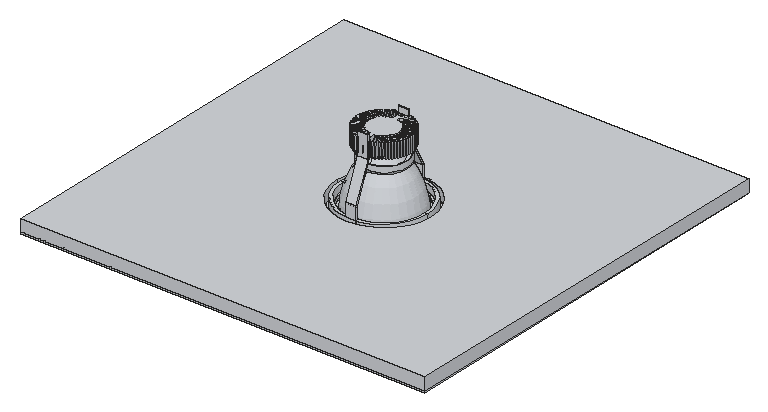
Revit family "Trimless VPX124 Downlighter", category Lighting Fixtures, Revit 2014
Parameters (values of type "VPX143")
  Wattage Comments = "19.5"
  Wattage = 19.5 W
  built-in parameter 1150110 = 1 (stored number, unit not read)
  Type Comments = "Recessed"
  Type = "VPX143"
  built-in parameter 1114217 = 1 (stored number, unit not read)
  built-in parameter 1150109 = 1 (stored number, unit not read)
  built-in parameter 1150134 = (empty or 0)
  built-in parameter 1150113 = 1 (stored number, unit not read)
  O/A Diameter (mm) = "143"
  Model = "VPX143"
  Manufacturer = "Designed Architectural Lighting"
  Luminous flux of luminaire (lm) = "2000"
  Lumens = 1998.75 lm
  built-in parameter 1150115 = 1 (stored number, unit not read)
  built-in parameter 1150105 = 636.22 (stored number, unit not read)
  Light Source Symbol Size = 609.6 mm
  built-in parameter 1150137 = (empty or 0)
  built-in parameter 1150139 = (empty or 0)
  built-in parameter 1150112 = 1 (stored number, unit not read)
  built-in parameter 1150114 = 1 (stored number, unit not read)
  Lamp = "LED"
  built-in parameter 1150132 = (empty or 0)
  built-in parameter 1150102 = (empty or 0)
  built-in parameter 1150138 = (empty or 0)
  built-in parameter 1150107 = 3000 (stored number, unit not read)
  built-in parameter 1150106 = 6.3622 (stored number, unit not read)
  Height (mm) = "125"
  built-in parameter 1150104 = 9.5226 (stored number, unit not read)
  Dimming Lamp Color Temperature Shift = <None>
  Description = "Recessed low brightness LED downlighter"
  Cut Out (mm) = "131"
  Colour temperature (K) = "27000/3000/3500/4000"
  Color Filter = 16777215
  CRI = "80"
  built-in parameter 1114218 = 1 (stored number, unit not read)
  built-in parameter 1150133 = 10 (stored number, unit not read)
  Apparent Load = 19.5 VA
  Aperture (mm) = "100"
Reference planes
  plane 1 "Light Source Axis (F/B)": y = 0
  plane 2: z = 0
  plane 3 "Light Source Axis (L/R)": x = 0
  plane 4 "Light Source Elevation": z = 0
Forms (mm)
  Revolve 1, solid
    sketch origin (0, 0, 0) x (0, 1, 0) y (0, 0, 1)
      loop
        line (32.218, 76.537) -> (28.444, 76.537)
        arc (28.444, 76.537) -> (26.215, 75.748) -> (24.979, 73.732) r 3.542
        arc (24.979, 73.732) -> (15.057, 61.32) -> (0, 56.241) r 28.205
        line (0, 56.241) -> (0, 53.625)
        arc (0, 53.625) -> (17.499, 59.158) -> (28.444, 73.891) r 29.818
        line (28.444, 73.891) -> (32.218, 73.891) -> (32.218, 76.537)
      axis (0, 76.537) -> (0, 53.625)
    angle from 0 to 360
  Extrusion 2, solid
    sketch origin (1.875, -0.625, 0) x (1, 0, 0) y (0, 1, 0)
      loop
        line (-8.491, -38.066) -> (-8.491, -39.735) -> (6.509, -39.735) -> (6.509, -38.066) -> (-8.491, -38.066)
    from 92.996 to 125.22
  Extrusion 3, solid
    sketch origin (2.075, 80.578, 0) x (1, 0, 0) y (0, 1, 0)
      loop
        line (-9.083, -44.263) -> (-9.083, -45.652) -> (5.917, -45.652) -> (5.917, -44.263) -> (-9.083, -44.263)
    from 92.996 to 126.242
  Extrusion 4, solid
    sketch origin (2.075, -30.991, 0) x (1, 0, 0) y (0, 1, 0)
      loop
        line (-8.69, -30.82) -> (-8.69, -32.379) -> (6.31, -32.379) -> (6.31, -30.82) -> (-8.69, -30.82)
    from 3.8 to 40.975
  Extrusion 5, solid
    sketch origin (2.075, -21.759, 34.16) x (1, 0, 0) y (0, 0.914866, -0.403758)
      loop
        line (-8.69, -39.191) -> (-8.69, -40.839) -> (6.31, -40.839) -> (6.31, -39.191) -> (-8.69, -39.191)
    from -10.751 to 47.238
  Extrusion 6, solid
    sketch origin (2.075, 94.051, 69.507) x (1, 0, 0) y (0, 0.889554, 0.45683)
      loop
        line (-9.083, -40.714) -> (-9.083, -41.951) -> (5.917, -41.951) -> (5.917, -40.714) -> (-9.083, -40.714)
    from -11.237 to 48.07
  Extrusion 7, solid
    sketch origin (2.075, 110.905, 0) x (1, 0, 0) y (0, 1, 0)
      loop
        line (-9.083, -47.907) -> (-9.083, -49.183) -> (5.917, -49.183) -> (5.917, -47.907) -> (-9.083, -47.907)
    from 3.8 to 40.975
  Revolve 8, solid
    sketch origin (-0.002, -0.001, 0) x (0, 1, 0) y (0, 0, 1)
      loop
        line (51.509, 0) -> (61.509, 0) -> (61.509, 1.419) -> (53.446, 1.419)
        arc (53.446, 1.419) -> (47.529, 38.453) -> (29.678, 71.437) r 111.611
        arc (29.678, 71.437) -> (29.923, 72.028) -> (30.514, 72.273) r 0.836
        line (30.514, 72.273) -> (33.262, 72.273)
        arc (33.262, 72.273) -> (34.281, 72.91) -> (34.679, 74.044) r 1.816
        line (34.679, 74.044) -> (34.679, 82.273) -> (33.262, 82.273) -> (33.262, 73.732) -> (29.268, 73.732)
        arc (29.268, 73.732) -> (28.406, 72.748) -> (27.978, 71.512) r 3.409
        arc (27.978, 71.512) -> (46.014, 37.819) -> (51.509, 0) r 110.622
      axis (0, 82.273) -> (0, 0)
    angle from 0 to 360
  Extrusion 9, solid
    sketch origin (-38.915, -66.166, 2.266) x (1, 0, 0) y (0, 1, 0)
      loop
        line (-261.085, 366.181) -> (-261.085, -233.819) -> (338.915, -233.819) -> (338.915, 366.181) -> (-261.085, 366.181)
      loop
        circle (38.915, 66.181) r 70
    from 0 to 18
  Revolve 10, solid
    sketch origin (0, 0, 0) x (0, 1, 0) y (0, 0, 1)
      loop
        line (32.58, 77.504) -> (25.618, 77.504) -> (19.543, 86.509)
        arc (19.543, 86.509) -> (19.242, 88.412) -> (20.857, 89.461) r 1.768
        line (20.857, 89.461) -> (27.065, 89.461)
        arc (27.065, 89.461) -> (28.652, 90.036) -> (29.779, 91.291) r 3.466
        line (29.779, 91.291) -> (29.779, 96.291) -> (28.776, 96.291) -> (28.776, 92.372)
        arc (28.776, 92.372) -> (28.206, 90.996) -> (26.83, 90.426) r 1.946
        line (26.83, 90.426) -> (20.734, 90.426)
        arc (20.734, 90.426) -> (18.503, 89.004) -> (18.665, 86.364) r 2.606
        line (18.665, 86.364) -> (25.283, 76.552) -> (32.58, 76.552) -> (32.58, 77.504)
      axis (0, 96.291) -> (0, 76.552)
    angle from 0 to 360
  Extrusion 11, solid
    sketch origin (0.632, -2.118, 0) x (0, 1, 0) y (-1, 0, 0)
      loop
        line (8.036, -21.346) -> (9.763, -25.224)
        arc (9.763, -25.224) -> (9.158, -26.377) -> (9.105, -27.677) r 2.965
        line (9.105, -27.677) -> (12.96, -37.219)
        arc (12.96, -37.219) -> (13.673, -37.522) -> (13.976, -36.809) r 0.548
        line (13.976, -36.809) -> (10.23, -27.537)
        arc (10.23, -27.537) -> (10.843, -26.092) -> (12.288, -26.705) r 1.11
        line (12.288, -26.705) -> (16.28, -35.672)
        arc (16.28, -35.672) -> (17.02, -35.956) -> (17.304, -35.216) r 0.56
        line (17.304, -35.216) -> (13.182, -25.959)
        arc (13.182, -25.959) -> (12.31, -24.958) -> (11.028, -24.618) r 2.262
        line (11.028, -24.618) -> (9.403, -20.596) -> (11.989, -19.445) -> (14.463, -22.849)
        arc (14.463, -22.849) -> (14.111, -24.102) -> (14.33, -25.385) r 2.965
        line (14.33, -25.385) -> (20.084, -33.917)
        arc (20.084, -33.917) -> (20.845, -34.065) -> (20.992, -33.305) r 0.548
        line (20.992, -33.305) -> (15.4, -25.014)
        arc (15.4, -25.014) -> (15.7, -23.474) -> (17.241, -23.773) r 1.11
        line (17.241, -23.773) -> (23.009, -31.713)
        arc (23.009, -31.713) -> (23.792, -31.837) -> (23.916, -31.055) r 0.56
        line (23.916, -31.055) -> (17.96, -22.857)
        arc (17.96, -22.857) -> (16.899, -22.059) -> (15.574, -21.994) r 2.262
        line (15.574, -21.994) -> (13.148, -18.397) -> (15.119, -16.427) -> (18.389, -19.585)
        arc (18.389, -19.585) -> (18.26, -20.88) -> (18.699, -22.105) r 2.965
        line (18.699, -22.105) -> (25.847, -29.508)
        arc (25.847, -29.508) -> (26.622, -29.522) -> (26.635, -28.747) r 0.548
        line (26.635, -28.747) -> (19.689, -21.554)
        arc (19.689, -21.554) -> (19.716, -19.985) -> (21.285, -20.012) r 1.11
        line (21.285, -20.012) -> (28.346, -26.83)
        arc (28.346, -26.83) -> (29.138, -26.816) -> (29.124, -26.024) r 0.56
        line (29.124, -26.024) -> (21.835, -18.985)
        arc (21.835, -18.985) -> (20.652, -18.383) -> (19.335, -18.549) r 2.262
        line (19.335, -18.549) -> (16.322, -15.429) -> (18.148, -13.304) -> (21.857, -15.622)
        arc (21.857, -15.622) -> (22.001, -16.916) -> (22.684, -18.023) r 2.965
        line (22.684, -18.023) -> (31.216, -23.778)
        arc (31.216, -23.778) -> (31.976, -23.63) -> (31.828, -22.87) r 0.548
        line (31.828, -22.87) -> (23.538, -17.278)
        arc (23.538, -17.278) -> (23.238, -15.737) -> (24.779, -15.438) r 1.11
        line (24.779, -15.438) -> (33.102, -20.639)
        arc (33.102, -20.639) -> (33.874, -20.461) -> (33.696, -19.689) r 0.56
        line (33.696, -19.689) -> (25.103, -14.319)
        arc (25.103, -14.319) -> (23.821, -13.977) -> (22.567, -14.412) r 2.262
        line (22.567, -14.412) -> (18.971, -11.987) -> (20.87, -9.394) -> (24.954, -10.962)
        arc (24.954, -10.962) -> (25.341, -12.204) -> (26.224, -13.161) r 2.965
        line (26.224, -13.161) -> (35.697, -17.182)
        arc (35.697, -17.182) -> (36.415, -16.892) -> (36.125, -16.174) r 0.548
        line (36.125, -16.174) -> (26.92, -12.267)
        arc (26.92, -12.267) -> (26.332, -10.811) -> (27.787, -10.224) r 1.11
        line (27.787, -10.224) -> (36.95, -13.741)
        arc (36.95, -13.741) -> (37.673, -13.419) -> (37.351, -12.695) r 0.56
        line (37.351, -12.695) -> (27.891, -9.063)
        arc (27.891, -9.063) -> (26.567, -8.972) -> (25.42, -9.639) r 2.262
        line (25.42, -9.639) -> (21.427, -7.944) -> (22.262, -3.209) -> (24.741, -3.209)
        arc (24.741, -3.209) -> (29.592, -5.948) -> (34.984, -7.347) r 21.462
        line (34.984, -7.347) -> (36.065, -8.428) -> (39.133, -8.428) -> (39.133, -7.36) -> (36.601, -7.36) -> (36.601, 7.64) -> (39.186, 7.64) -> (39.186, 8.514) -> (36.351, 8.514) -> (34.984, 7.592) -> (34.984, -2.408)
        arc (34.984, -2.408) -> (34.341, -3.853) -> (32.76, -3.798) r 1.415
        line (32.76, -3.798) -> (31.024, -2.537) -> (31.024, 3.409) -> (22.339, 3.409) -> (21.555, 7.853) -> (25.597, 9.568)
        arc (25.597, 9.568) -> (26.744, 8.901) -> (28.067, 8.992) r 2.262
        line (28.067, 8.992) -> (37.528, 12.624)
        arc (37.528, 12.624) -> (37.85, 13.348) -> (37.126, 13.67) r 0.56
        line (37.126, 13.67) -> (27.963, 10.153)
        arc (27.963, 10.153) -> (26.508, 10.741) -> (27.096, 12.196) r 1.11
        line (27.096, 12.196) -> (36.301, 16.103)
        arc (36.301, 16.103) -> (36.591, 16.821) -> (35.873, 17.111) r 0.548
        line (35.873, 17.111) -> (26.4, 13.09)
        arc (26.4, 13.09) -> (25.518, 12.133) -> (25.13, 10.891) r 2.965
        line (25.13, 10.891) -> (21.047, 9.323) -> (19.147, 11.916) -> (22.744, 14.341)
        arc (22.744, 14.341) -> (23.997, 13.906) -> (25.279, 14.248) r 2.262
        line (25.279, 14.248) -> (33.873, 19.618)
        arc (33.873, 19.618) -> (34.051, 20.39) -> (33.279, 20.568) r 0.56
        line (33.279, 20.568) -> (24.955, 15.367)
        arc (24.955, 15.367) -> (23.415, 15.666) -> (23.714, 17.207) r 1.11
        line (23.714, 17.207) -> (32.005, 22.799)
        arc (32.005, 22.799) -> (32.152, 23.559) -> (31.392, 23.707) r 0.548
        line (31.392, 23.707) -> (22.861, 17.952)
        arc (22.861, 17.952) -> (22.177, 16.845) -> (22.034, 15.551) r 2.965
        line (22.034, 15.551) -> (18.324, 13.233) -> (16.498, 15.358) -> (19.512, 18.478)
        arc (19.512, 18.478) -> (20.828, 18.312) -> (22.011, 18.914) r 2.262
        line (22.011, 18.914) -> (29.3, 25.953)
        arc (29.3, 25.953) -> (29.314, 26.745) -> (28.522, 26.759) r 0.56
        line (28.522, 26.759) -> (21.462, 19.941)
        arc (21.462, 19.941) -> (19.893, 19.914) -> (19.865, 21.483) r 1.11
        line (19.865, 21.483) -> (26.812, 28.676)
        arc (26.812, 28.676) -> (26.798, 29.451) -> (26.024, 29.437) r 0.548
        line (26.024, 29.437) -> (18.875, 22.034)
        arc (18.875, 22.034) -> (18.437, 20.809) -> (18.566, 19.514) r 2.965
        line (18.566, 19.514) -> (15.419, 16.475) -> (13.325, 18.326) -> (15.751, 21.923)
        arc (15.751, 21.923) -> (17.076, 21.988) -> (18.136, 22.786) r 2.262
        line (18.136, 22.786) -> (24.092, 30.984)
        arc (24.092, 30.984) -> (23.969, 31.766) -> (23.186, 31.642) r 0.56
        line (23.186, 31.642) -> (17.417, 23.702)
        arc (17.417, 23.702) -> (15.876, 23.403) -> (15.577, 24.943) r 1.11
        line (15.577, 24.943) -> (21.169, 33.234)
        arc (21.169, 33.234) -> (21.021, 33.994) -> (20.261, 33.846) r 0.548
        line (20.261, 33.846) -> (14.506, 25.315)
        arc (14.506, 25.315) -> (14.287, 24.031) -> (14.639, 22.778) r 2.965
        line (14.639, 22.778) -> (12.068, 19.24) -> (9.579, 20.525) -> (11.204, 24.548)
        arc (11.204, 24.548) -> (12.487, 24.887) -> (13.358, 25.888) r 2.262
        line (13.358, 25.888) -> (17.48, 35.145)
        arc (17.48, 35.145) -> (17.196, 35.885) -> (16.456, 35.601) r 0.56
        line (16.456, 35.601) -> (12.464, 26.634)
        arc (12.464, 26.634) -> (11.02, 26.021) -> (10.406, 27.466) r 1.11
        line (10.406, 27.466) -> (14.152, 36.738)
        arc (14.152, 36.738) -> (13.85, 37.451) -> (13.137, 37.148) r 0.548
        line (13.137, 37.148) -> (9.282, 27.606)
        arc (9.282, 27.606) -> (9.334, 26.306) -> (9.939, 25.153) r 2.965
        line (9.939, 25.153) -> (8.16, 21.157) -> (5.456, 21.949) -> (6.209, 26.222)
        arc (6.209, 26.222) -> (7.393, 26.82) -> (8.038, 27.98) r 2.262
        line (8.038, 27.98) -> (10.144, 37.892)
        arc (10.144, 37.892) -> (9.713, 38.557) -> (9.048, 38.125) r 0.56
        line (9.048, 38.125) -> (7.008, 28.525)
        arc (7.008, 28.525) -> (5.722, 27.625) -> (4.822, 28.91) r 1.11
        line (4.822, 28.91) -> (6.558, 38.758)
        arc (6.558, 38.758) -> (6.114, 39.393) -> (5.48, 38.949) r 0.548
        line (5.48, 38.949) -> (3.693, 28.814)
        arc (3.693, 28.814) -> (4.015, 27.553) -> (4.846, 26.551) r 2.965
        line (4.846, 26.551) -> (3.936, 22.272) -> (0.629, 22.571) -> (0.629, 26.945)
        arc (0.629, 26.945) -> (1.65, 27.752) -> (2.227, 28.919) r 2.965
        line (2.227, 28.919) -> (2.586, 39.204)
        arc (2.586, 39.204) -> (2.058, 39.77) -> (1.492, 39.242) r 0.548
        line (1.492, 39.242) -> (1.143, 29.248)
        arc (1.143, 29.248) -> (-0.005, 28.178) -> (-1.076, 29.325) r 1.11
        line (-1.076, 29.325) -> (-1.076, 39.14)
        arc (-1.076, 39.14) -> (-1.636, 39.7) -> (-2.196, 39.14) r 0.56
        line (-2.196, 39.14) -> (-2.196, 29.007)
        arc (-2.196, 29.007) -> (-1.807, 27.738) -> (-0.773, 26.906) r 2.262
        line (-0.773, 26.906) -> (-0.925, 22.571) -> (-3.664, 22.35) -> (-4.573, 26.629)
        arc (-4.573, 26.629) -> (-3.742, 27.631) -> (-3.42, 28.892) r 2.965
        line (-3.42, 28.892) -> (-5.207, 39.026)
        arc (-5.207, 39.026) -> (-5.842, 39.471) -> (-6.286, 38.836) r 0.548
        line (-6.286, 38.836) -> (-4.55, 28.988)
        arc (-4.55, 28.988) -> (-5.45, 27.703) -> (-6.735, 28.603) r 1.11
        line (-6.735, 28.603) -> (-8.776, 38.203)
        arc (-8.776, 38.203) -> (-9.441, 38.635) -> (-9.872, 37.97) r 0.56
        line (-9.872, 37.97) -> (-7.765, 28.058)
        arc (-7.765, 28.058) -> (-7.121, 26.898) -> (-5.937, 26.3) r 2.262
        line (-5.937, 26.3) -> (-5.184, 22.027) -> (-7.888, 21.235) -> (-9.667, 25.231)
        arc (-9.667, 25.231) -> (-9.062, 26.384) -> (-9.009, 27.684) r 2.965
        line (-9.009, 27.684) -> (-12.864, 37.226)
        arc (-12.864, 37.226) -> (-13.577, 37.529) -> (-13.88, 36.816) r 0.548
        line (-13.88, 36.816) -> (-10.134, 27.544)
        arc (-10.134, 27.544) -> (-10.747, 26.099) -> (-12.192, 26.712) r 1.11
        line (-12.192, 26.712) -> (-16.184, 35.679)
        arc (-16.184, 35.679) -> (-16.924, 35.963) -> (-17.208, 35.223) r 0.56
        line (-17.208, 35.223) -> (-13.086, 25.966)
        arc (-13.086, 25.966) -> (-12.215, 24.965) -> (-10.932, 24.625) r 2.262
        line (-10.932, 24.625) -> (-9.307, 20.603) -> (-11.796, 19.318) -> (-14.367, 22.856)
        arc (-14.367, 22.856) -> (-14.015, 24.109) -> (-14.234, 25.393) r 2.965
        line (-14.234, 25.393) -> (-19.988, 33.924)
        arc (-19.988, 33.924) -> (-20.749, 34.072) -> (-20.897, 33.312) r 0.548
        line (-20.897, 33.312) -> (-15.305, 25.021)
        arc (-15.305, 25.021) -> (-15.604, 23.481) -> (-17.145, 23.78) r 1.11
        line (-17.145, 23.78) -> (-22.914, 31.72)
        arc (-22.914, 31.72) -> (-23.696, 31.844) -> (-23.82, 31.062) r 0.56
        line (-23.82, 31.062) -> (-17.864, 22.864)
        arc (-17.864, 22.864) -> (-16.804, 22.066) -> (-15.478, 22.001) r 2.262
        line (-15.478, 22.001) -> (-13.053, 18.404) -> (-15.147, 16.553) -> (-18.293, 19.592)
        arc (-18.293, 19.592) -> (-18.165, 20.887) -> (-18.603, 22.112) r 2.965
        line (-18.603, 22.112) -> (-25.752, 29.515)
        arc (-25.752, 29.515) -> (-26.526, 29.529) -> (-26.54, 28.754) r 0.548
        line (-26.54, 28.754) -> (-19.593, 21.561)
        arc (-19.593, 21.561) -> (-19.62, 19.992) -> (-21.19, 20.019) r 1.11
        line (-21.19, 20.019) -> (-28.25, 26.837)
        arc (-28.25, 26.837) -> (-29.042, 26.823) -> (-29.028, 26.031) r 0.56
        line (-29.028, 26.031) -> (-21.739, 18.992)
        arc (-21.739, 18.992) -> (-20.556, 18.39) -> (-19.24, 18.556) r 2.262
        line (-19.24, 18.556) -> (-16.226, 15.436) -> (-18.052, 13.311) -> (-21.761, 15.629)
        arc (-21.761, 15.629) -> (-21.905, 16.923) -> (-22.588, 18.03) r 2.965
        line (-22.588, 18.03) -> (-31.12, 23.785)
        arc (-31.12, 23.785) -> (-31.88, 23.637) -> (-31.732, 22.877) r 0.548
        line (-31.732, 22.877) -> (-23.442, 17.285)
        arc (-23.442, 17.285) -> (-23.143, 15.744) -> (-24.683, 15.445) r 1.11
        line (-24.683, 15.445) -> (-33.007, 20.646)
        arc (-33.007, 20.646) -> (-33.779, 20.468) -> (-33.6, 19.696) r 0.56
        line (-33.6, 19.696) -> (-25.007, 14.326)
        arc (-25.007, 14.326) -> (-23.725, 13.984) -> (-22.472, 14.419) r 2.262
        line (-22.472, 14.419) -> (-18.979, 12.063) -> (-20.774, 9.401) -> (-24.858, 10.969)
        arc (-24.858, 10.969) -> (-25.245, 12.211) -> (-26.128, 13.168) r 2.965
        line (-26.128, 13.168) -> (-35.601, 17.189)
        arc (-35.601, 17.189) -> (-36.319, 16.899) -> (-36.029, 16.181) r 0.548
        line (-36.029, 16.181) -> (-26.824, 12.274)
        arc (-26.824, 12.274) -> (-26.236, 10.819) -> (-27.691, 10.231) r 1.11
        line (-27.691, 10.231) -> (-36.854, 13.748)
        arc (-36.854, 13.748) -> (-37.578, 13.426) -> (-37.255, 12.702) r 0.56
        line (-37.255, 12.702) -> (-27.795, 9.07)
        arc (-27.795, 9.07) -> (-26.471, 8.979) -> (-25.324, 9.646) r 2.262
        line (-25.324, 9.646) -> (-21.289, 7.933) -> (-22.142, 3.096) -> (-24.544, 3.096)
        arc (-24.544, 3.096) -> (-29.395, 5.836) -> (-34.788, 7.235) r 21.462
        line (-34.788, 7.235) -> (-35.869, 8.316) -> (-38.936, 8.316) -> (-38.936, 7.247) -> (-36.404, 7.247) -> (-36.404, -7.753) -> (-38.989, -7.753) -> (-38.989, -8.626) -> (-36.154, -8.626) -> (-34.788, -7.705) -> (-34.788, 2.295)
        arc (-34.788, 2.295) -> (-34.144, 3.741) -> (-32.563, 3.686) r 1.415
        line (-32.563, 3.686) -> (-30.827, 2.424) -> (-30.827, -3.521) -> (-22.142, -3.521) -> (-21.155, -7.866) -> (-25.148, -9.561)
        arc (-25.148, -9.561) -> (-26.295, -8.894) -> (-27.619, -8.985) r 2.262
        line (-27.619, -8.985) -> (-37.079, -12.617)
        arc (-37.079, -12.617) -> (-37.401, -13.341) -> (-36.677, -13.663) r 0.56
        line (-36.677, -13.663) -> (-27.514, -10.146)
        arc (-27.514, -10.146) -> (-26.059, -10.734) -> (-26.647, -12.189) r 1.11
        line (-26.647, -12.189) -> (-35.852, -16.096)
        arc (-35.852, -16.096) -> (-36.142, -16.814) -> (-35.424, -17.104) r 0.548
        line (-35.424, -17.104) -> (-25.951, -13.083)
        arc (-25.951, -13.083) -> (-25.069, -12.126) -> (-24.681, -10.884) r 2.965
        line (-24.681, -10.884) -> (-20.598, -9.316) -> (-18.802, -11.978) -> (-22.295, -14.334)
        arc (-22.295, -14.334) -> (-23.548, -13.899) -> (-24.83, -14.241) r 2.262
        line (-24.83, -14.241) -> (-33.424, -19.611)
        arc (-33.424, -19.611) -> (-33.602, -20.383) -> (-32.83, -20.561) r 0.56
        line (-32.83, -20.561) -> (-24.507, -15.36)
        arc (-24.507, -15.36) -> (-22.966, -15.659) -> (-23.266, -17.2) r 1.11
        line (-23.266, -17.2) -> (-31.556, -22.792)
        arc (-31.556, -22.792) -> (-31.704, -23.552) -> (-30.943, -23.7) r 0.548
        line (-30.943, -23.7) -> (-22.412, -17.945)
        arc (-22.412, -17.945) -> (-21.728, -16.838) -> (-21.585, -15.544) r 2.965
        line (-21.585, -15.544) -> (-17.876, -13.226) -> (-16.05, -15.351) -> (-19.063, -18.471)
        arc (-19.063, -18.471) -> (-20.38, -18.305) -> (-21.562, -18.907) r 2.262
        line (-21.562, -18.907) -> (-28.852, -25.946)
        arc (-28.852, -25.946) -> (-28.866, -26.738) -> (-28.073, -26.752) r 0.56
        line (-28.073, -26.752) -> (-21.013, -19.934)
        arc (-21.013, -19.934) -> (-19.444, -19.907) -> (-19.417, -21.476) r 1.11
        line (-19.417, -21.476) -> (-26.363, -28.669)
        arc (-26.363, -28.669) -> (-26.35, -29.444) -> (-25.575, -29.43) r 0.548
        line (-25.575, -29.43) -> (-18.426, -22.027)
        arc (-18.426, -22.027) -> (-17.988, -20.802) -> (-18.117, -19.507) r 2.965
        line (-18.117, -19.507) -> (-14.971, -16.468) -> (-12.876, -18.319) -> (-15.302, -21.916)
        arc (-15.302, -21.916) -> (-16.627, -21.981) -> (-17.688, -22.779) r 2.262
        line (-17.688, -22.779) -> (-23.644, -30.977)
        arc (-23.644, -30.977) -> (-23.52, -31.759) -> (-22.737, -31.635) r 0.56
        line (-22.737, -31.635) -> (-16.968, -23.695)
        arc (-16.968, -23.695) -> (-15.428, -23.396) -> (-15.128, -24.936) r 1.11
        line (-15.128, -24.936) -> (-20.72, -33.227)
        arc (-20.72, -33.227) -> (-20.572, -33.987) -> (-19.812, -33.839) r 0.548
        line (-19.812, -33.839) -> (-14.057, -25.308)
        arc (-14.057, -25.308) -> (-13.838, -24.024) -> (-14.19, -22.771) r 2.965
        line (-14.19, -22.771) -> (-11.619, -19.233) -> (-9.13, -20.518) -> (-10.756, -24.541)
        arc (-10.756, -24.541) -> (-12.038, -24.88) -> (-12.91, -25.881) r 2.262
        line (-12.91, -25.881) -> (-17.031, -35.138)
        arc (-17.031, -35.138) -> (-16.747, -35.878) -> (-16.008, -35.594) r 0.56
        line (-16.008, -35.594) -> (-12.016, -26.627)
        arc (-12.016, -26.627) -> (-10.571, -26.014) -> (-9.958, -27.459) r 1.11
        line (-9.958, -27.459) -> (-13.704, -36.731)
        arc (-13.704, -36.731) -> (-13.401, -37.444) -> (-12.688, -37.141) r 0.548
        line (-12.688, -37.141) -> (-8.833, -27.599)
        arc (-8.833, -27.599) -> (-8.886, -26.299) -> (-9.49, -25.146) r 2.965
        line (-9.49, -25.146) -> (-7.711, -21.15) -> (-5.621, -22.23) -> (-6.224, -26.518)
        arc (-6.224, -26.518) -> (-7.386, -27.158) -> (-7.99, -28.34) r 2.262
        line (-7.99, -28.34) -> (-9.749, -38.319)
        arc (-9.749, -38.319) -> (-9.295, -38.968) -> (-8.646, -38.514) r 0.56
        line (-8.646, -38.514) -> (-6.942, -28.848)
        arc (-6.942, -28.848) -> (-5.688, -27.904) -> (-4.744, -29.157) r 1.11
        line (-4.744, -29.157) -> (-6.135, -39.06)
        arc (-6.135, -39.06) -> (-5.669, -39.678) -> (-5.051, -39.212) r 0.548
        line (-5.051, -39.212) -> (-3.618, -29.021)
        arc (-3.618, -29.021) -> (-3.984, -27.772) -> (-4.85, -26.8) r 2.965
        line (-4.85, -26.8) -> (-4.09, -22.492) -> (-0.819, -23.069) -> (-0.666, -27.446)
        arc (-0.666, -27.446) -> (-1.7, -28.278) -> (-2.089, -29.546) r 2.262
        line (-2.089, -29.546) -> (-2.089, -39.679)
        arc (-2.089, -39.679) -> (-1.529, -40.24) -> (-0.968, -39.679) r 0.56
        line (-0.968, -39.679) -> (-0.968, -29.865)
        arc (-0.968, -29.865) -> (0.102, -28.717) -> (1.25, -29.787) r 1.11
        line (1.25, -29.787) -> (1.599, -39.781)
        arc (1.599, -39.781) -> (2.165, -40.309) -> (2.694, -39.743) r 0.548
        line (2.694, -39.743) -> (2.334, -29.458)
        arc (2.334, -29.458) -> (1.757, -28.291) -> (0.736, -27.484) r 2.965
        line (0.736, -27.484) -> (0.736, -23.11) -> (4.345, -22.474) -> (5.122, -26.878)
        arc (5.122, -26.878) -> (4.256, -27.85) -> (3.891, -29.099) r 2.965
        line (3.891, -29.099) -> (5.323, -39.29)
        arc (5.323, -39.29) -> (5.941, -39.756) -> (6.408, -39.138) r 0.548
        line (6.408, -39.138) -> (5.016, -29.235)
        arc (5.016, -29.235) -> (5.96, -27.981) -> (7.214, -28.926) r 1.11
        line (7.214, -28.926) -> (8.918, -38.592)
        arc (8.918, -38.592) -> (9.567, -39.046) -> (10.022, -38.397) r 0.56
        line (10.022, -38.397) -> (8.262, -28.418)
        arc (8.262, -28.418) -> (7.658, -27.236) -> (6.496, -26.596) r 2.262
        line (6.496, -26.596) -> (5.892, -22.3) -> (8.036, -21.346)
    from 96.291 to 117.627
  Revolve 12, solid
    sketch origin (0.004, 0, -0.154) x (1, 0, 0) y (0, 0, 1)
      loop
        line (-61.524, 0.162) -> (-61.524, 1.656) -> (-60.366, 1.656) -> (-60.366, 10.169) -> (-57.081, 10.169) -> (-57.081, 12.23) -> (-59.73, 12.23) -> (-59.73, 22.23) -> (-64.077, 22.23) -> (-64.077, 5.296) -> (-68.921, 5.296) -> (-68.921, 3.22) -> (-65.416, 3.22) -> (-62.978, 3.22) -> (-62.328, 0.162) -> (-61.524, 0.162)
      axis (0, 22.23) -> (0, 0.162)
    angle from 0 to 360
  Extrusion 13, solid
    sketch origin (-38.917, -66.166, 3.359) x (1, 0, 0) y (0, 1, 0)
      loop
        line (-261.085, 366.181) -> (-261.085, -233.819) -> (338.915, -233.819) -> (338.915, 366.181) -> (-261.085, 366.181)
      loop
        circle (38.915, 66.181) r 62.5
    from -3.359 to 0
Dimensions and locks
  aligned and locked: plane 3 "Light Source Axis (L/R)" to imposter light
  aligned and locked: plane 1 "Light Source Axis (F/B)" to imposter light
  aligned and locked: plane 4 "Light Source Elevation" to imposter light
  aligned and locked: level to plane 2
